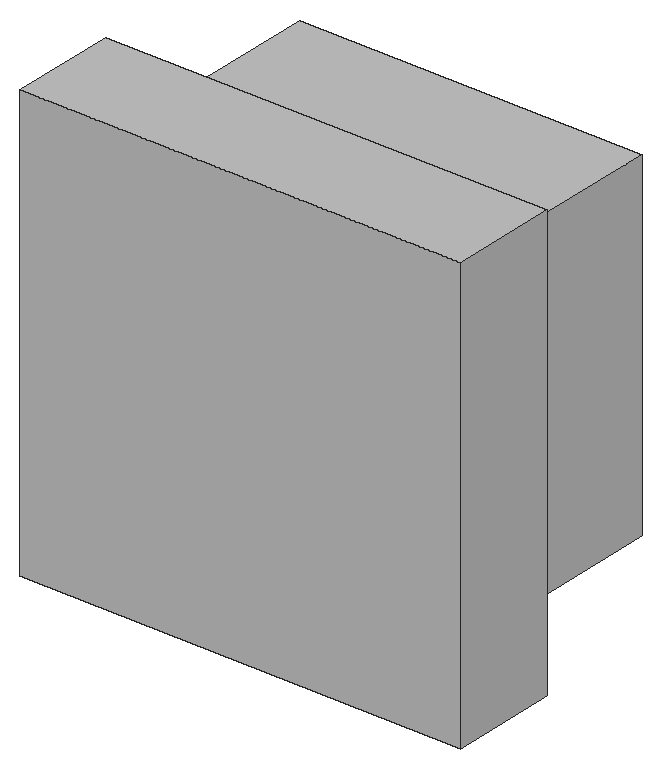
Revit family "efg_egg-20_60ms(t)b2_60Hz", category 機械設備, Revit 2019
Family settings
  丸型コネクタ寸法 = 直径を使用
  パーツ タイプ = 標準
  OmniClass 番号 = 23.75.35.21.17
  OmniClass タイトル = Industrial Ventilating Equipment
  作業面ベース = いいえ
  常に垂直 = はい
  ロード時にボイドで切り取り = はい
  共有 = いいえ
  部屋計算ポイント = はい
Parameters (values of type "EFG-25MSB2")
  騒音レベル(dB(A)) [instance] = 41.5
  風量 [instance] = 1130.0 m³/h
  電源種別 [instance] = ""
  電圧 = 100 V
  電動機出力 = 25 W
  電動機_種別 [instance] = ""
  運転質量 = 0.00 kg
  連動 [instance] = ""
  質量 = if(製品質量 > 運転質量, 製品質量, 運転質量) * 1.2  # 7.32 kg
  負荷分類 = 3_ファン類
  説明 = "業務用有圧換気扇 店舗用 メッシュタイプ 排気形"
  設計風量 [instance] = 0.0 m³/h
  設置方法 = "壁付"
  記号 [instance] = ""
  製造元 = "三菱電機株式会社"
  製品質量 = 6.10 kg
  製品出荷対象 = "国内"
  製品リリース年月 = "2022年6月1日"
  製品グループ = ""
  系統 [instance] = ""
  符号 [instance] = if(☑給気／□排気, "FS", "FE")  # "FE"
  積算_科目 = ""
  積算_拾い区分 [instance] = ""
  相 = 1
  盤記号 [instance] = ""
  盤工事区分 = ""
  発停方法 [instance] = ""
  番手 = "∅250"
  特殊仕様 [instance] = ""
  火災停止 [instance] = ""
  消費電力 = 40.5 W
  法定耐用年数 = "15"
  極数 = 2
  極 = 4
  材質 [instance] = ""
  操作・制御方式 = ""
  操作・制御スイッチ = ""
  排気量 [instance] = if(☑給気／□排気, 0.0 m³/h, 設計風量)  # 0.0 m³/h
  形式 = ""
  幹線記号 [instance] = ""
  対象室 [instance] = ""
  実風量 [instance] = 0.0 m³/h
  始動方式 [instance] = "直入"
  外気量 [instance] = if(☑給気／□排気, 設計風量, 0.0 m³/h)  # 0.0 m³/h
  呼称 = "有圧扇"
  周波数 = 60 Hz
  参照している仕様書等のバージョン = ""
  分類コード = "50052503100110"
  分類グループ = ""
  価格 = 68600
  企業コード = "108420"
  付属品_防振装置 = ""
  付属品 [instance] = ""
  仕様書バージョン = "Version1.0"
  モデル = "EFG-25MSB2"
  ファンの種類 = "軸流羽根"
  コメント [instance] = ""
  Keynote = ""
  ☑給気／□排気 [instance] = no
  Width = 379 mm
  W1 = 294 mm
  Version = ""
  Uniclass2015Version = "Systems v1.9"
  Uniclass2015Title = "Propeller fans"
  Uniclass2015Code = "Pr_65_67_29_67"
  URL = "https://www.mitsubishielectric.co.jp/ldg/wink/ssl/displayProduct.do?pid=318510"
  SpecificationReference = ""
  SpecificationDescription = ""
  Revision = ""
  ProductInformation = ""
  OmniClassCode = "23-33 31 19 11 17"
  MIN風量 = 870.0 m³/h
  MID風量 = 0.0 m³/h
  MAX風量 = 1130.0 m³/h
  IfcTypeProduct = ""
  IfcProduct = ""
  IfcExportType = "TUBEAXIAL"
  IfcExportAs = "IfcFanType"
  Height = 374 mm
  H1 = 294 mm
  Depth = 247 mm
  D1 = 155 mm
  Author = "三菱電機株式会社"
Types (7, lengths in mm): name | 騒音レベル(dB(A)) | 風量 | 電圧 | 電動機出力 | 質量 | 製品質量 | 相 | 番手 | 消費電力 | 極数 | 極 | 価格 | モデル | Width | W1 | URL | MIN風量 | MAX風量 | Height | H1 | Depth | D1
  EFG-25MSB2 | 41.5 | 1130.0 m³/h | 100 V | 25 W | 7.32 kg | 6.10 kg | 1 | "∅250" | 40.5 W | 2 | 4 | 68600 | "EFG-25MSB2" | 379 | 294 | "https://www.mitsubishielectric.co.jp/ldg/wink/ssl/displayProduct.do?pid=318510" | 870.0 m³/h | 1130.0 m³/h | 374 | 294 | 247 | 155
  EFG-30MSB2 | 46.5 | 1720.0 m³/h | 100 V | 50 W | 9.24 kg | 7.70 kg | 1 | "∅300" | 61 W | 2 | 4 | 83500 | "EFG-30MSB2" | 429 | 344 | "https://www.mitsubishielectric.co.jp/ldg/wink/ssl/displayProduct.do?pid=318569" | 1200.0 m³/h | 1720.0 m³/h | 424 | 344 | 272 | 155
  EFG-35MSB2 | 51 | 2470.0 m³/h | 100 V | 100 W | 12.72 kg | 10.60 kg | 1 | "∅350" | 110 W | 2 | 4 | 121000 | "EFG-35MSB2" | 484 | 399 | "https://www.mitsubishielectric.co.jp/ldg/wink/ssl/displayProduct.do?pid=318574" | 1810.0 m³/h | 2470.0 m³/h | 479 | 399 | 277 | 155
  EFG-40MSB2 | 57 | 3460.0 m³/h | 100 V | 150 W | 20.52 kg | 17.10 kg | 1 | "∅400" | 177 W | 2 | 4 | 156000 | "EFG-40MSB2" | 520 | 423 | "https://www.mitsubishielectric.co.jp/ldg/wink/ssl/displayProduct.do?pid=318580" | 2600.0 m³/h | 3460.0 m³/h | 518 | 423 | 343 | 159
  EFG-40MSTB2 | 57 | 3420.0 m³/h | 200 V | 150 W | 20.28 kg | 16.90 kg | 3 | "∅400" | 164 W | 3 | 4 | 156000 | "EFG-40MSTB2" | 520 | 423 | "https://www.mitsubishielectric.co.jp/ldg/wink/ssl/displayProduct.do?pid=318581" | 0.0 m³/h | 3420.0 m³/h | 518 | 423 | 343 | 159
  EGG-50MSTB2 | 55.5 | 5840.0 m³/h | 200 V | 400 W | 30.36 kg | 25.30 kg | 3 | "∅500" | 310 W | 3 | 6 | 201000 | "EGG-50MSTB2" | 620 | 524 | "https://www.mitsubishielectric.co.jp/ldg/wink/ssl/displayProduct.do?pid=318601" | 0.0 m³/h | 5840.0 m³/h | 618 | 524 | 413 | 189
  EGG-60MSTB2 | 60 | 8530.0 m³/h | 200 V | 400 W | 36.84 kg | 30.70 kg | 3 | "∅600" | 460 W | 3 | 6 | 265000 | "EGG-60MSTB2" | 710 | 614 | "https://www.mitsubishielectric.co.jp/ldg/wink/ssl/displayProduct.do?pid=318604" | 0.0 m³/h | 8530.0 m³/h | 708 | 614 | 433 | 189
Reference planes
  plane 1 "中心(正面/背面)": y = 0
  plane 2: z = 0
  plane 3 "中心(左/右)": x = 0
  plane 4: z = 0
  plane 5: through (-212.884, -1524, -243.751) normal (0.6508, 0, 0.7593)
  plane 6: through (208.307, -1524, -247.63) normal (-0.6508, 0, 0.7593)
  plane 7 "正面": y = -92
  plane 8: through (-208.307, -1524, -247.63) normal (-0.6508, 0, -0.7593)
  plane 9: y = 158
  plane 10: y = 258
  plane 11: x = -189.5
  plane 12: x = 189.5
  plane 13: z = 187
  plane 14: x = -147
  plane 15: z = 147
  plane 16: z = -187
  plane 17: z = -147
  plane 18: x = 147
  plane 19: y = 155
Forms (mm)
  Extrusion 1, solid, detail levels fine
    sketch origin (0, 0, 0) x (1, 0, 0) y (0, 0, 1)
      loop
        line (-189.5, 187) -> (-189.5, -187) -> (189.5, -187) -> (189.5, 187) -> (-189.5, 187)
    from 0 to 92
  Extrusion 2, solid, detail levels fine
    sketch origin (0, 0, 0) x (1, 0, 0) y (0, 0, 1)
      loop
        line (-147, 147) -> (-147, -147) -> (147, -147) -> (147, 147) -> (-147, 147)
    from -155 to 0
Lines and regions (mm)
  Masking region 1, detail levels coarse+medium
    outline origin (0, 0, 0) x (1, 0, 0) y (0, 1, 0)
      loop
        line (-250, -92) -> (250, -92) -> (250, 158) -> (-250, 158) -> (-250, -92)
  Masking region 2, detail levels coarse+medium
    outline origin (0, 0, 0) x (1, 0, 0) y (0, 1, 0)
      loop
        line (-124, 158) -> (124, 158) -> (124, 258) -> (-124, 258) -> (-124, 158)
  symbolic lines, detail levels coarse+medium
    curve 1: circle (124, -98, 0) r 115 normal (0, 0, 1)
    curve 2: circle (-124, -98, 0) r 115 normal (0, 0, -1)
Dimensions and locks
  level to plane 4 = 0 mm
  plane 7 "正面" to plane 9 to plane 10 = 250 mm locked, 100 mm locked
  equal spacing: plane 18, plane 3 "中心(左/右)", plane 14
  "W1": plane 18 to plane 14
  equal spacing: plane 12, plane 3 "中心(左/右)", plane 11
  "Width": plane 12 to plane 11
  equal spacing: plane 15, level, plane 17
  "H1": plane 15 to plane 17
  equal spacing: plane 13, level, plane 16
  "Height": plane 13 to plane 16
  "D1": plane 1 "中心(正面/背面)" to plane 19
  "Depth": plane 7 "正面" to plane 19
  aligned and locked: level to plane 2
  aligned and locked: plane 7 "正面" to Masking region 1 sketch curve
  aligned and locked: plane 9 to Masking region 1 sketch curve
  aligned and locked: Masking region 2 sketch curve to plane 9
  aligned and locked: plane 10 to Masking region 2 sketch curve
  aligned and locked: Extrusion 1 sketch curve to plane 13
  aligned and locked: plane 11 to Extrusion 1 sketch curve
  aligned and locked: Extrusion 1 sketch curve to plane 16
  aligned and locked: plane 12 to Extrusion 1 sketch curve
  aligned and locked: Extrusion 2 sketch curve to plane 15
  aligned and locked: plane 14 to Extrusion 2 sketch curve
  aligned and locked: Extrusion 2 sketch curve to plane 17
  aligned and locked: plane 18 to Extrusion 2 sketch curve
  aligned and locked: plane 19 to Extrusion 2
  aligned and locked: plane 1 "中心(正面/背面)" to Extrusion 2
  aligned and locked: plane 7 "正面" to Extrusion 1
  aligned and locked: Extrusion 1 to plane 1 "中心(正面/背面)"
Automatic sketch dimensions
  curve 2 to plane 3 "中心(左/右)" = 124 mm
  plane 3 "中心(左/右)" to curve 1 = 124 mm
  Masking region 1 sketch curve to plane 3 "中心(左/右)" = 250 mm
  plane 3 "中心(左/右)" to Masking region 1 sketch curve = 250 mm
  Masking region 2 sketch curve to plane 3 "中心(左/右)" = 124 mm
  plane 3 "中心(左/右)" to Masking region 2 sketch curve = 124 mm
  plane 7 "正面" to curve 2 = 6 mm
  plane 7 "正面" to curve 1 = 6 mm
  radius of curve 1 = 115 mm
  radius of curve 2 = 115 mm
Connectors
  electrical at (-189.5, -46, 0), driven by "極数", driven by "負荷分類", driven by "電圧", driven by "消費電力"
    settings: on Extrusion 1, index 1, voltage 100 V, apparent load 40.5 VA, apparent load phase1 0 VA, apparent load phase2 0 VA, apparent load phase3 0 VA, power factor 1, load classification "3_ファン類", number of poles 2, system type 30, power factor state 1, is connector primary yes, connector utility no, sub classification motor no, connector description ""
